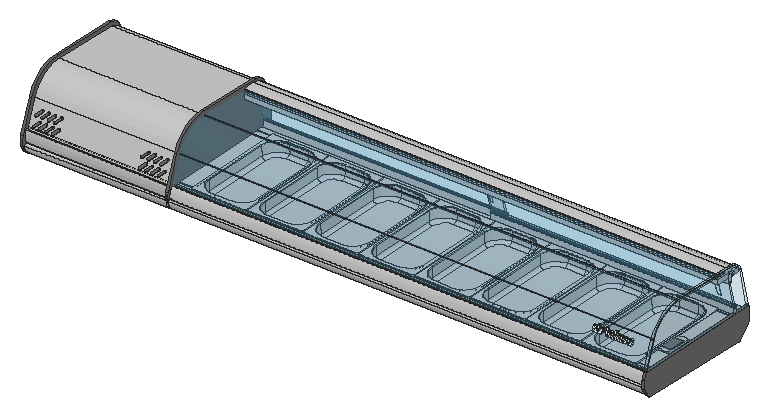
Revit family "QF_INFRICO_VET8P_250815113001", category Specialty Equipment, Revit 2021 (continued)
Definition of nested family "QF_INFRICO_VET8P_2920"
  Forms (mm)
    Extrusion 54, solid
      sketch origin (1213.786, -706.979, 20.205) x (-1, 0, 0) y (0, -0.99937, -0.035504)
        loop
          line (-236.214, -352.957) -> (-294.214, -352.957)
          arc (-294.214, -352.957) -> (-321.791, -364.38) -> (-333.214, -391.957) r 39
          line (-333.214, -391.957) -> (-333.214, -598.957)
          arc (-333.214, -598.957) -> (-321.791, -626.534) -> (-294.214, -637.957) r 39
          line (-294.214, -637.957) -> (-236.214, -637.957)
      from 0 to 2
    Extrusion 55, solid
      sketch origin (2531.523, 2777.565, 186.024) x (-1, 0, 0) y (0, -0.99937, -0.035504)
        loop
          arc (1130.523, 3096.278) -> (1116.172, 3130.926) -> (1081.523, 3145.278) r 49
          line (1081.523, 3145.278) -> (1023.523, 3145.278)
          arc (1023.523, 3145.278) -> (988.875, 3130.926) -> (974.523, 3096.278) r 49
          line (974.523, 3096.278) -> (974.523, 2889.278)
          arc (974.523, 2889.278) -> (988.175, 2855.344) -> (1021.524, 2840.319) r 49
          line (1021.524, 2840.319) -> (1083.522, 2840.319)
          arc (1083.522, 2840.319) -> (1116.871, 2855.344) -> (1130.523, 2889.278) r 49
          line (1130.523, 2889.278) -> (1130.523, 3096.278)
        loop
          arc (1140.523, 3150.278) -> (1139.059, 3153.813) -> (1135.523, 3155.278) r 5
          line (1135.523, 3155.278) -> (969.523, 3155.278)
          arc (969.523, 3155.278) -> (965.988, 3153.813) -> (964.523, 3150.278) r 5
          line (964.523, 3150.278) -> (964.523, 2835.319)
          arc (964.523, 2835.319) -> (965.988, 2831.783) -> (969.523, 2830.319) r 5
          line (969.523, 2830.319) -> (1135.523, 2830.319)
          arc (1135.523, 2830.319) -> (1139.059, 2831.783) -> (1140.523, 2835.319) r 5
          line (1140.523, 2835.319) -> (1140.523, 3150.278)
      from 0 to 2
    Sweep 56, solid
      path origin (587.333, -1072.346, 49.252) x (1, 0, 0) y (0, 0.99937, 0.035504)
        loop
          line (813.667, 963.062) -> (813.667, 756.062)
          arc (813.667, 756.062) -> (828.019, 721.414) -> (862.667, 707.062) r 49
          line (862.667, 707.062) -> (920.667, 707.062)
          arc (920.667, 707.062) -> (955.316, 721.414) -> (969.667, 756.062) r 49
          line (969.667, 756.062) -> (969.667, 963.062)
          arc (969.667, 963.062) -> (955.316, 997.71) -> (920.667, 1012.062) r 49
          line (920.667, 1012.062) -> (862.667, 1012.062)
          arc (862.667, 1012.062) -> (828.019, 997.71) -> (813.667, 963.062) r 49
      profile origin (1401, -213.326, 79.769) x (1, 0, 0) y (0, -0.035504, 0.99937)
        loop
          line (0, 0) -> (-2, 0) -> (-2, -30)
          arc (-2, -30) -> (1.515, -38.485) -> (10, -42) r 12
          line (10, -42) -> (10, -40)
          arc (10, -40) -> (2.929, -37.071) -> (0, -30) r 10
          line (0, -30) -> (0, 0)
    Extrusion 57, solid
      sketch origin (1389.786, -706.979, 20.205) x (-1, 0, 0) y (0, -0.99937, -0.035504)
        loop
          arc (-236.214, -637.957) -> (-208.637, -626.534) -> (-197.214, -598.957) r 39
          line (-197.214, -598.957) -> (-197.214, -391.957)
          arc (-197.214, -391.957) -> (-208.637, -364.38) -> (-236.214, -352.957) r 39
          line (-236.214, -352.957) -> (-294.214, -352.957)
          arc (-294.214, -352.957) -> (-321.791, -364.38) -> (-333.214, -391.957) r 39
          line (-333.214, -391.957) -> (-333.214, -598.957)
          arc (-333.214, -598.957) -> (-321.791, -626.534) -> (-294.214, -637.957) r 39
          line (-294.214, -637.957) -> (-236.214, -637.957)
      from 0 to 2
    Extrusion 58, solid
      sketch origin (2707.523, 2777.565, 186.024) x (-1, 0, 0) y (0, -0.99937, -0.035504)
        loop
          arc (1130.523, 3096.278) -> (1116.172, 3130.926) -> (1081.523, 3145.278) r 49
          line (1081.523, 3145.278) -> (1023.523, 3145.278)
          arc (1023.523, 3145.278) -> (988.875, 3130.926) -> (974.523, 3096.278) r 49
          line (974.523, 3096.278) -> (974.523, 2889.278)
          arc (974.523, 2889.278) -> (988.175, 2855.344) -> (1021.524, 2840.319) r 49
          line (1021.524, 2840.319) -> (1083.522, 2840.319)
          arc (1083.522, 2840.319) -> (1116.871, 2855.344) -> (1130.523, 2889.278) r 49
          line (1130.523, 2889.278) -> (1130.523, 3096.278)
        loop
          arc (1140.523, 3150.278) -> (1139.059, 3153.813) -> (1135.523, 3155.278) r 5
          line (1135.523, 3155.278) -> (969.523, 3155.278)
          arc (969.523, 3155.278) -> (965.988, 3153.813) -> (964.523, 3150.278) r 5
          line (964.523, 3150.278) -> (964.523, 2835.319)
          arc (964.523, 2835.319) -> (965.988, 2831.783) -> (969.523, 2830.319) r 5
          line (969.523, 2830.319) -> (1135.523, 2830.319)
          arc (1135.523, 2830.319) -> (1139.059, 2831.783) -> (1140.523, 2835.319) r 5
          line (1140.523, 2835.319) -> (1140.523, 3150.278)
      from 0 to 2
    Sweep 59, solid
      path origin (763.333, -1072.346, 49.252) x (1, 0, 0) y (0, 0.99937, 0.035504)
        loop
          line (813.667, 963.062) -> (813.667, 756.062)
          arc (813.667, 756.062) -> (828.019, 721.414) -> (862.667, 707.062) r 49
          line (862.667, 707.062) -> (920.667, 707.062)
          arc (920.667, 707.062) -> (955.316, 721.414) -> (969.667, 756.062) r 49
          line (969.667, 756.062) -> (969.667, 963.062)
          arc (969.667, 963.062) -> (955.316, 997.71) -> (920.667, 1012.062) r 49
          line (920.667, 1012.062) -> (862.667, 1012.062)
          arc (862.667, 1012.062) -> (828.019, 997.71) -> (813.667, 963.062) r 49
      profile origin (1577, -213.326, 79.769) x (1, 0, 0) y (0, -0.035504, 0.99937)
        loop
          line (0, 0) -> (-2, 0) -> (-2, -30)
          arc (-2, -30) -> (1.515, -38.485) -> (10, -42) r 12
          line (10, -42) -> (10, -40)
          arc (10, -40) -> (2.929, -37.071) -> (0, -30) r 10
          line (0, -30) -> (0, 0)
    Extrusion 60, solid
      sketch origin (1565.786, -706.979, 20.205) x (-1, 0, 0) y (0, -0.99937, -0.035504)
        loop
          arc (-236.214, -637.957) -> (-208.637, -626.534) -> (-197.214, -598.957) r 39
          line (-197.214, -598.957) -> (-197.214, -391.957)
          arc (-197.214, -391.957) -> (-208.637, -364.38) -> (-236.214, -352.957) r 39
          line (-236.214, -352.957) -> (-294.214, -352.957)
          arc (-294.214, -352.957) -> (-321.791, -364.38) -> (-333.214, -391.957) r 39
          line (-333.214, -391.957) -> (-333.214, -598.957)
          arc (-333.214, -598.957) -> (-321.791, -626.534) -> (-294.214, -637.957) r 39
          line (-294.214, -637.957) -> (-236.214, -637.957)
      from 0 to 2
    Extrusion 61, solid
      sketch origin (2883.523, 2777.565, 186.024) x (-1, 0, 0) y (0, -0.99937, -0.035504)
        loop
          arc (1130.523, 3096.278) -> (1116.172, 3130.926) -> (1081.523, 3145.278) r 49
          line (1081.523, 3145.278) -> (1023.523, 3145.278)
          arc (1023.523, 3145.278) -> (988.875, 3130.926) -> (974.523, 3096.278) r 49
          line (974.523, 3096.278) -> (974.523, 2889.278)
          arc (974.523, 2889.278) -> (988.175, 2855.344) -> (1021.524, 2840.319) r 49
          line (1021.524, 2840.319) -> (1083.522, 2840.319)
          arc (1083.522, 2840.319) -> (1116.871, 2855.344) -> (1130.523, 2889.278) r 49
          line (1130.523, 2889.278) -> (1130.523, 3096.278)
        loop
          arc (1140.523, 3150.278) -> (1139.059, 3153.813) -> (1135.523, 3155.278) r 5
          line (1135.523, 3155.278) -> (969.523, 3155.278)
          arc (969.523, 3155.278) -> (965.988, 3153.813) -> (964.523, 3150.278) r 5
          line (964.523, 3150.278) -> (964.523, 2835.319)
          arc (964.523, 2835.319) -> (965.988, 2831.783) -> (969.523, 2830.319) r 5
          line (969.523, 2830.319) -> (1135.523, 2830.319)
          arc (1135.523, 2830.319) -> (1139.059, 2831.783) -> (1140.523, 2835.319) r 5
          line (1140.523, 2835.319) -> (1140.523, 3150.278)
      from 0 to 2
    Sweep 62, solid
      path origin (939.333, -1072.346, 49.252) x (1, 0, 0) y (0, 0.99937, 0.035504)
        loop
          line (813.667, 963.062) -> (813.667, 756.062)
          arc (813.667, 756.062) -> (828.019, 721.414) -> (862.667, 707.062) r 49
          line (862.667, 707.062) -> (920.667, 707.062)
          arc (920.667, 707.062) -> (955.316, 721.414) -> (969.667, 756.062) r 49
          line (969.667, 756.062) -> (969.667, 963.062)
          arc (969.667, 963.062) -> (955.316, 997.71) -> (920.667, 1012.062) r 49
          line (920.667, 1012.062) -> (862.667, 1012.062)
          arc (862.667, 1012.062) -> (828.019, 997.71) -> (813.667, 963.062) r 49
      profile origin (1753, -213.326, 79.769) x (1, 0, 0) y (0, -0.035504, 0.99937)
        loop
          line (0, 0) -> (-2, 0) -> (-2, -30)
          arc (-2, -30) -> (1.515, -38.485) -> (10, -42) r 12
          line (10, -42) -> (10, -40)
          arc (10, -40) -> (2.929, -37.071) -> (0, -30) r 10
          line (0, -30) -> (0, 0)
    Extrusion 63, solid
      sketch origin (2478, -1264.507, 47.144) x (0, 0.99937, 0.035504) y (1, 0, 0)
        loop
          arc (974, -555) -> (1012.5, -557) -> (1051, -555) r 371.563
          arc (1051, -555) -> (1052, -539) -> (1051, -523) r 128.5
          arc (1051, -523) -> (1012.5, -521) -> (974, -523) r 371.563
          arc (974, -523) -> (973, -539) -> (974, -555) r 128.5
      from 0 to 5
    Extrusion 64, solid
      sketch origin (2478, -1264.511, 47.244) x (0, 0.99937, 0.035504) y (1, 0, 0)
        loop
          line (1038, -528.124) -> (987, -528.124) -> (987, -556.124)
          arc (987, -556.124) -> (1012.5, -557) -> (1038, -556.124) r 371.563
          line (1038, -556.124) -> (1038, -528.124)
      from 0 to 2
  Cuts and joins
    joined: Extrusion 3, Extrusion 5, Extrusion 6, Extrusion 11, Extrusion 31
    joined: Extrusion 19, Extrusion 21, Extrusion 22
    joined: Extrusion 20, Extrusion 23, Extrusion 24
    joined: Extrusion 39, Sweep 41
    joined: Extrusion 42, Sweep 44
    joined: Extrusion 45, Sweep 47
    joined: Extrusion 48, Sweep 50
    joined: Extrusion 54, Sweep 56
    joined: Extrusion 51, Sweep 53
    joined: Extrusion 57, Sweep 59
    joined: Extrusion 60, Sweep 62
  Lines and regions (mm)
    symbolic lines
      curve 1: line (8, 0, 0) -> (0, 0, 0)
      curve 2: line (0, 0, 0) -> (0, -410, 0)
      curve 3: line (0, -410, 0) -> (8, -410, 0)
      curve 4: line (8, -410, 0) -> (8, -404.903, 0)
      curve 5: line (8, -404.903, 0) -> (458, -404.903, 0)
      curve 6: line (458, -404.903, 0) -> (458, -409.781, 0)
      curve 7: line (466, -409.781, 0) -> (466, -405.533, 0)
      curve 8: line (466, -409.781, 0) -> (458, -409.781, 0)
      curve 9: line (466, -405.533, 0) -> (1964, -405.533, 0)
      curve 10: line (1964, -405.533, 0) -> (1964, -410, 0)
      curve 11: line (1964, -410, 0) -> (1972, -410, 0)
      curve 12: line (1972, -410, 0) -> (1972, 0, 0)
      curve 13: line (1972, 0, 0) -> (1964, 0, 0)
      curve 14: line (1964, 0, 0) -> (1964, -4.091, 0)
      curve 15: line (1964, -4.091, 0) -> (8, -4.091, 0)
      curve 16: line (8, -4.091, 0) -> (8, 0, 0)
      curve 17: line (8, -4.091, 0) -> (8, -404.903, 0)
      curve 18: line (458, -4.091, 0) -> (458, -404.903, 0)
      curve 19: line (466, -405.533, 0) -> (466, -4.091, 0)
      curve 20: line (466, -392.346, 0) -> (1964, -392.346, 0)
      curve 21: line (1964, -4.091, 0) -> (1964, -405.533, 0)
      curve 22: line (466, -109.774, 0) -> (1964, -109.774, 0)
      curve 23: line (466, -34.774, 0) -> (1964, -34.774, 0)
      curve 24: line (466, -31.091, 0) -> (1964, -31.091, 0)
      curve 25: line (8, -30, 0) -> (458, -30, 0)
      curve 26: line (458, -20, 0) -> (8, -20, 0)
      curve 27: line (458, -398, 0) -> (8, -398, 0)
  Dimensions and locks
    plane 1 "Back" to plane 5 "Front" = 410 mm  (x2)
    plane 3 "Left" to plane 4 "Right" = 1972 mm
    plane 6 "Top" to level = 230 mm  (x2)
    plane 4 "Right" to plane 3 "Left" = 1972 mm
    aligned and locked: level to plane 2
Definition of nested family "CONN_POINT_ELE_2D___Generic_Annotation"
  Parameters (values of type "CONN_POINT_ELE_2D___Generic_Annotation")
    Onboard connection annotation symbol visibility [instance] = yes
  Reference planes
    plane 1: y = 0
    plane 2: x = 0
  Lines and regions (mm)
    detail lines, visible <- "Onboard connection annotation symbol visibility"
      curve 1: circle (0, 0, 0) r 0.5 normal (0, 0, 1)
      curve 2: line (-1, 0, 0) -> (1, 0, 0)
      curve 3: line (0, 1, 0) -> (0, -1, 0)
      curve 4: line (2.5, 1, 0) -> (1.25, 1, 0)
      curve 5: line (1.25, 1, 0) -> (1.25, -1, 0)
      curve 6: line (1.25, -1, 0) -> (2.5, -1, 0)
      curve 7: line (1.25, 0, 0) -> (2, 0, 0)
